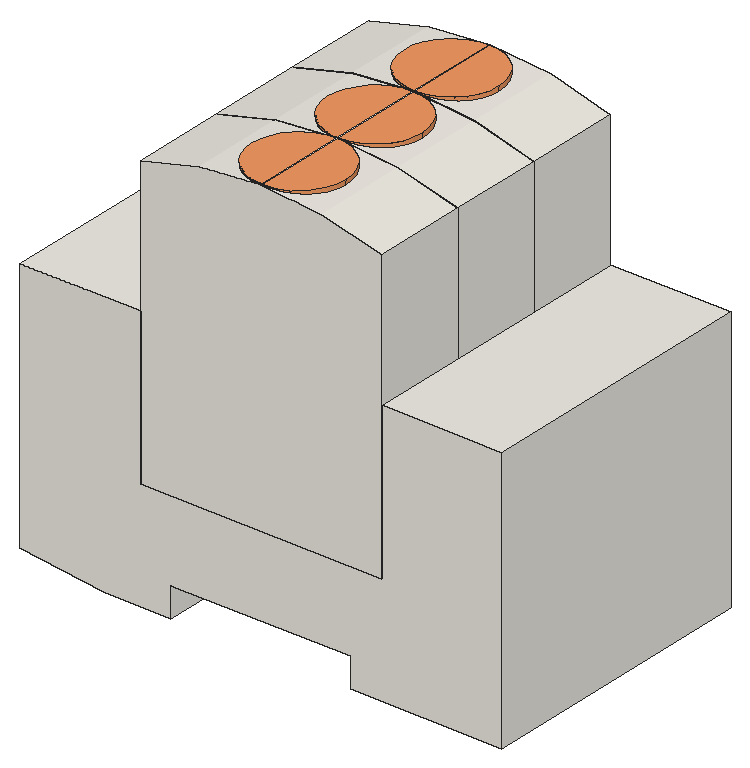
Revit family "Kombiableiter V50, 3-polig mit FS", category Generic Models, Revit 2015
Parameters (values of type "V50-3+FS-385")
  Width = 90 mm
  URL = "http://www.obo-bettermann.com"
  Material 2 = PA 66/6 FR HF RAL 2003
  Material = PA 66/6 FR HF RAL 9010
  Manufacturer Art.No. = "5093580"
  Manufacturer = "OBO Bettermann"
  Length = 53.4 mm
  Height = 78.5 mm
  GTIN = "4012196398584"
  Article Type = "V50-3+FS-385"
Types (5, lengths in mm): name | Manufacturer Art.No. | GTIN | Article Type
  (no name) | "5093580" | "4012196398584" | "V50-3+FS-385"
  V50-3+FS-280 | "5093516" | "4012196159642" | "V50-3+FS-280"
  V50-3+FS-320 | "5093548" | "4012196398508" | "V50-3+FS-320"
  V50-3+FS-385 | "5093580" | "4012196398584" | "V50-3+FS-385"
  V50-3+FS-150 | "5093448" | "4012196398669" | "V50-3+FS-150"
Reference planes
  plane 1 "Center (Front/Back)": y = 0
  plane 2: z = 0
  plane 3 "Center (Left/Right)": x = 0
  plane 4: y = 17.8
  plane 5: z = 78.5
  plane 6: z = 78.5
  plane 7: z = 77.5
  plane 8: y = 35.6
  plane 9: y = 53.4
Forms (mm)
  Extrusion 1, solid, material "PA 66/6 FR HF RAL 9010" <- "Material"
    sketch origin (0, 0, 0) x (1, 0, 0) y (0, 0, 1)
      loop
        line (-29.35, 0) -> (-16.75, 0) -> (-16.75, 5.5) -> (16.75, 5.5) -> (16.75, 0) -> (45, 0) -> (45, 49.5) -> (22.5, 49.5) -> (22.5, 20.5) -> (-22.5, 20.5) -> (-22.5, 49.5) -> (-45, 49.5) -> (-45, 1.922) -> (-29.35, 0)
    from -53.4 to 0
  Extrusion 2, solid, material "PA 66/6 FR HF RAL 9010" <- "Material"
    sketch origin (0, 0, 0) x (1, 0, 0) y (0, 0, 1)
      loop
        line (-22.5, 20.5) -> (22.5, 20.5) -> (22.5, 74.639)
        arc (22.5, 74.639) -> (0, 78.5) -> (-22.5, 74.639) r 67.488
        line (-22.5, 74.639) -> (-22.5, 20.5)
    from -17.8 to 0
  Extrusion 3, solid, material "PA 66/6 FR HF RAL 2003" <- "Material 2"
    sketch origin (0, 0, 0) x (1, 0, 0) y (0, 1, 0)
      loop
        circle (0, 8.9) r 8.75
    from 77.5 to 78.5
  Extrusion 4, solid, material "PA 66/6 FR HF RAL 9010" <- "Material"
    sketch origin (0, 0, 0) x (1, 0, 0) y (0, 0, 1)
      loop
        line (-22.5, 74.639) -> (-22.5, 20.5) -> (22.5, 20.5) -> (22.5, 74.639)
        arc (22.5, 74.639) -> (0, 78.5) -> (-22.5, 74.639) r 67.488
    from -35.6 to -17.8
  Extrusion 5, solid, material "PA 66/6 FR HF RAL 2003" <- "Material 2"
    sketch origin (0, 0, 0) x (1, 0, 0) y (0, 1, 0)
      loop
        circle (0, 26.7) r 8.8
    from 77.5 to 78.5
  Extrusion 6, solid, material "PA 66/6 FR HF RAL 9010" <- "Material"
    sketch origin (0, 0, 0) x (1, 0, 0) y (0, 0, 1)
      loop
        line (-22.5, 74.639) -> (-22.5, 20.5) -> (22.5, 20.5) -> (22.5, 74.639)
        arc (22.5, 74.639) -> (0, 78.5) -> (-22.5, 74.639) r 67.488
    from -53.4 to -35.6
  Extrusion 7, solid, material "PA 66/6 FR HF RAL 2003" <- "Material 2"
    sketch origin (0, 0, 0) x (1, 0, 0) y (0, 1, 0)
      loop
        circle (0, 44.5) r 8.8
    from 77.5 to 78.5
Dimensions and locks
  locked: Extrusion 1 sketch curve to Extrusion 1 sketch curve at 33.5
  locked: plane 3 "Center (Left/Right)" to Extrusion 1 sketch curve at 16.75
  locked: Extrusion 1 sketch curve to level at 5.5
  "Width": Extrusion 1 sketch curve to Extrusion 1 sketch curve
  equal spacing: Extrusion 1 sketch curve, plane 3 "Center (Left/Right)", Extrusion 1 sketch curve, locked at 45 each
  locked: Extrusion 1 sketch curve to Extrusion 1 sketch curve at 44
  locked: Extrusion 1 sketch curve to Extrusion 1 sketch curve at 45
  equal spacing: Extrusion 1 sketch curve, plane 3 "Center (Left/Right)", Extrusion 1 sketch curve, locked at 22.5 each
  locked: Extrusion 1 sketch curve to Extrusion 1 sketch curve at 29
  locked: Extrusion 1 sketch curve to Extrusion 1 sketch curve at 15.65
  locked: Extrusion 1 sketch curve to level at 1.922
  "Height": plane 5 to level
  locked: Extrusion 2 sketch curve to Extrusion 1 at 54.139
  locked: Extrusion 2 to Extrusion 3 sketch curve at 8.9
  "Height": plane 6 to level
  locked: plane 6 to plane 7 at 1
  locked: plane 4 to plane 1 "Center (Front/Back)" at 17.8
  Extrusion 4 to Extrusion 5 sketch curve = 8.9 mm
  locked: plane 8 to plane 4 at 17.8
  "Length": plane 9 to plane 1 "Center (Front/Back)"
  locked: Extrusion 6 to Extrusion 7 sketch curve at 8.9
  radius of Extrusion 2 sketch curve = 67.488 mm
  radius of Extrusion 3 sketch curve = 8.75 mm
  radius of Extrusion 5 sketch curve = 8.8 mm
  radius of Extrusion 7 sketch curve = 8.8 mm
  aligned and locked: level to plane 2
  aligned and locked: Extrusion 1 sketch curve to level  (x2)
  aligned and locked: Extrusion 1 sketch curve to Extrusion 1 sketch curve
  aligned and locked: plane 1 "Center (Front/Back)" to Extrusion 1
  aligned and locked: Extrusion 2 sketch curve to Extrusion 1  (x3)
  aligned and locked: Extrusion 2 sketch curve to Extrusion 2 sketch curve
  aligned and locked: plane 1 "Center (Front/Back)" to Extrusion 2
  aligned and locked: plane 6 to Extrusion 3
  aligned and locked: Extrusion 3 to plane 7
  aligned and locked: Extrusion 4 sketch curve to Extrusion 2  (x4)
  aligned and locked: Extrusion 4 to plane 4
  aligned and locked: Extrusion 5 to Extrusion 3  (x2)
  aligned and locked: plane 9 to Extrusion 1
  aligned and locked: Extrusion 6 sketch curve to Extrusion 2  (x4)
  aligned and locked: Extrusion 1 to Extrusion 6
  aligned and locked: Extrusion 6 to plane 8
  aligned and locked: Extrusion 7 to Extrusion 3  (x2)
Automatic sketch dimensions
  Extrusion 3 sketch curve to plane 3 "Center (Left/Right)" = 0 mm
  Extrusion 5 sketch curve to plane 3 "Center (Left/Right)" = 0 mm
  Extrusion 7 sketch curve to plane 3 "Center (Left/Right)" = 0 mm
